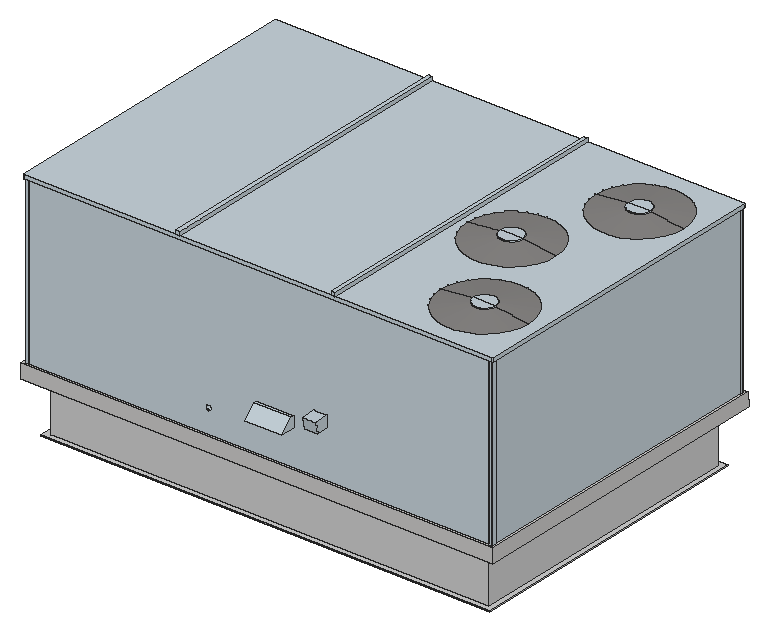
Revit family "AHU-Rooftop-Carrier-Cooling with Gas Heat-15-28 ton ss", category Mechanical Equipment, Revit 2012
Parameters (values of type "TC017")
  Voltage [instance] = 240 V
  Visibility Power Exhaust [instance] = and(Power Exhaust, Unit Size > 12, Vertical Air)  # no
  Visibility Horizontal Air [instance] = or(Horizontal Air, Horizontal Air End Unit)  # yes
  Visibility Horizontal Air End Unit [instance] = and(Horizontal Air End Unit, Unit Size > 12)  # no
  Visibility Gas Alternate [instance] = and(Gas Alternate, Unit Size > 12)  # no
  Visibility Economizer [instance] = or(Economizer Vertical, Economizer Horizontal)  # no
  Visibility Drain Alternate [instance] = and(Unit Size < 14, Drain Alternate)  # no
  Visibility 9 [instance] = and(Horizontal Air, Unit Size > 12)  # yes
  Visibility 8 [instance] = and(Horizontal Air, Unit Size < 14)  # no
  Visibility 7 [instance] = and(Visibility Economizer, Unit Size > 12)  # no
  Visibility 6 [instance] = or(and(Economizer Vertical, Unit Size < 14), and(Economizer Horizontal, Unit Size < 14, Unit Size > 7))  # no
  Visibility 5 = Unit Size > 12  # yes
  Visibility 4 = Unit Size > 28  # no
  Visibility 3 = Unit Size > 14  # yes
  Visibility 2 [instance] = or([Roof Curb 14"], [Roof Curb 24"])  # yes
  Visibility 12 = Unit Size > 18  # no
  Visibility 11 [instance] = not(Visibility Gas Alternate)  # yes
  Visibility 10 [instance] = and(not(Drain Alternate), Unit Size < 14)  # no
  Visibility 1 = Unit Size > 7  # yes
  Vertical Air [instance] = not(Visibility Horizontal Air)  # no
  Unit Width = Base Width - 1 7/16"  # 84 15/16"
  Unit Size = 17
  Unit Length = Base Length - 1 7/16"  # 126 7/16"
  Unit Height = 49 3/8"
  URL = "www.carrier.com"
  Supply Air Width V = 61 5/8"
  Supply Air Width Label 2 [instance] = abs(Supply Air Width Label)  # 29 3/4"
  Supply Air Width Label [instance] = if(Vertical Air, 0" - Supply Air Width V, 0" - Supply Air Width H)  # -29 3/4"
  Supply Air Width H = 29 3/4"
  Supply Air Height V = 25 1/2"
  Supply Air Height Label [instance] = if(Vertical Air, Supply Air Height V, Supply Air Height H)  # 15 7/8"
  Supply Air Height H = 15 7/8"
  SA Z Offset = 5 5/8"
  SA Y Offset Label [instance] = if(and(Vertical Air, Unit Size > 12), Base Width - SA Y Offset V, if(Vertical Air, SA Y Offset V, if(and(Visibility Horizontal Air, Unit Size > 12), Base Width - 23" / 32 - 1" / 8, SA Y Offset H)))  # 85 17/32"
  SA Y Offset V = 6 1/4"
  SA Y Offset H = 23/32"
  SA X Offset Label [instance] = if(and(Unit Size < 14, Vertical Air), SA X Offset V + Supply Air Height Label, if(and(Vertical Air, Unit Size > 12), Base Length - SA X Offset V - Supply Air Height Label, if(and(Vertical Air, Unit Size < 14), SA X Offset V + Supply Air Height Label, if(and(Visibility Horizontal Air, Unit Size > 12), Base Length - SA X Offset H + Supply Air Width Label, 27/32"))))  # 47 3/8"
  SA X Offset V = 53 3/4"
  SA X Offset H = 50 3/4"
  Roof Curb 24" [instance] = no
  Roof Curb 14" [instance] = yes
  Return Air Width V = 19 1/4"
  Return Air Width Label 3 [instance] = 0" - Return Air Width Label 2  # -23 3/8"
  Return Air Width Label 2 [instance] = if(and(Horizontal Air End Unit, Unit Size > 12), 61 5/8", Return Air Width Label)  # 23 3/8"
  Return Air Width Label [instance] = if(Vertical Air, Return Air Width V, Return Air Width H)  # 23 3/8"
  Return Air Width H = 23 3/8"
  Return Air Height V = 68 1/8"
  Return Air Height Label [instance] = if(and(Horizontal Air End Unit, Unit Size > 12), 18 3/8", if(Vertical Air, Return Air Height V, Return Air Height H))  # 41 3/8"
  Return Air Height H = 41 3/8"
  Return Air Flow [instance] = 0 CFM
  RA Z Offset = 5 5/8"
  RA Y Offset V = 6 1/4"
  RA Y Offset Label [instance] = if(and(Horizontal Air End Unit, Unit Size > 12), 18 3/4" + Return Air Width Label 2, if(and(Vertical Air, Unit Size > 12), Base Width - RA Y Offset V - Return Air Height Label, if(Vertical Air, RA Y Offset V, if(and(Horizontal Air, Unit Size > 12), Base Width - 23" / 32 - 1/8", RA Y Offset H))))  # 85 17/32"
  RA Y Offset H = 23/32"
  RA X Offset V = 6 1/4"
  RA X Offset Label [instance] = if(and(Horizontal Air End Unit, Unit Size > 12), Base Length - 23/32" - 1/8", if(and(Unit Size < 14, Vertical Air), RA X Offset V + Return Air Height Label, if(and(Vertical Air, Unit Size > 12), Base Length - RA X Offset V - Return Air Width Label, if(and(Vertical Air, Unit Size < 14), RA X Offset V + Return Air Width Label, if(and(Horizontal Air, Unit Size > 12), Base Length - RA X Offset H - Return Air Width Label, 27/32")))))  # 101 1/4"
  RA X Offset H = 3 1/4"
  Power Z Offset = 9 3/8"
  Power Y Offset = 4 3/4"
  Power Knockout Radius = 1 13/16"
  Power Factor [instance] = 0.8
  Power Exhaust Width = 17"  # constant formula
  Power Exhaust Offset = 17"  # constant formula
  Power Exhaust Length = 43"  # constant formula
  Power Exhaust Height = 23"  # constant formula
  Power Exhaust [instance] = no
  Pivot Y = 72"
  Pivot X = 144"
  Number of Poles [instance] = 1
  Supply Air Nominal Capacity [instance] = 0 CFM
  Manufacturer = "Carrier"
  Load Classification [instance] = HVAC
  Length 9 = if(Unit Size < 8, 27 7/8", if(Unit Size < 9, 18 3/4", if(Unit Size < 14, 22 3/4", Base Width - Economizer Length V - 6 1/2")))  # 11 7/8"
  Length 8 [instance] = if(Vertical Air, 0", RA Z Offset)  # 5 5/8"
  Length 7 [instance] = if(Vertical Air, 0", SA Z Offset)  # 5 5/8"
  Length 6 [instance] = 1"  # constant formula
  Length 5 = if(Unit Size > 28, (Length 3 - Length 4 - 1/2") / 2, 50")  # 50"
  Length 4 = if(Unit Size > 28, Length 3 - (Grille 3 X Offset - Grille Radius - 2"), (Base Length - (Base Length - Length 3)) / 2)  # 42 11/64"
  Length 3 = if(Unit Size > 28, (Grille 2 X Offset - Grille 1 X Offset) / 2 + Grille 1 X Offset, if(and(Unit Size > 14, Unit Size < 29), Grille 3 X Offset - Grille Radius - 2", if(Unit Size = 14, Grille 2 X Offset - Grille Radius - 2", if(and(Unit Size < 14, Unit Size > 7), (Grille 3 X Offset - Grille 2 X Offset) / 2 + Grille 2 X Offset, Base Length / 2))))  # 84 11/32"
  Length 2 = 1/4"  # constant formula
  Length 15 = if(Unit Size > 28, Length 4 * 1.5 - 5", Length 4 / 2 - 5")  # 16 11/128"
  Length 14 = if(Unit Size > 28, 2" + Length 4, 2")  # 2"
  Length 13 [instance] = Supply Air Width Label  # -29 3/4"
  Length 12 = Length 10 / 2  # 42 11/64"
  Length 11 = if(Unit Size < 14, Length 10 / 2, Length 10 / 3)  # 28.11458"
  Length 10 = if(Unit Size < 14, Base Length / 2, if(Unit Size > 14, Grille 3 X Offset - Grille Radius - 2", Grille 2 X Offset - Grille Radius - 2"))  # 84 11/32"
  Length 1 [instance] = if([Roof Curb 14"], Curb Height 1, if([Roof Curb 24"], Curb Height 2, 0"))  # 14"
  Horizontal Air End Unit [instance] = and(Horizontal Air, Economizer or 2 Position Damper)  # no
  Horizontal Air = yes
  Grille Radius = 12"  # constant formula
  Grille Cover Radius = 3"  # constant formula
  Grille 6 Y Offset = 0"
  Grille 6 X Offset = 0"
  Grille 5 Y Offset = 0"
  Grille 5 X Offset = 0"
  Grille 4 Y Offset = 69 3/8"
  Grille 4 X Offset = 112 1/32"
  Grille 3 Y Offset = 43 3/16"
  Grille 3 X Offset = 98 11/32"
  Grille 2 Y Offset = 43 3/16"
  Grille 2 X Offset = 125 23/32"
  Grille 1 X Offset = 112 1/32"
  Grille 1 Y Offset = 17"
  Grille Material = Metal - Carrier - Grille
  Gas Z Offset Label [instance] = if(Visibility Gas Alternate, 0", Gas Z Offset)  # 10 1/4"
  Gas Z Offset = 10 1/4"
  Gas Y Offset Label [instance] = if(Visibility Gas Alternate, Gas Y Offset, 0")  # 0"
  Gas Y Offset = 6 1/2"
  Gas X Offset = 50 1/2"
  Gas Radius [instance] = 3/8"
  Gas Pressure Drop [instance] = 0.00 psi
  Gas Knockout Radius [instance] = Gas Radius + 85/256"  # 181/256"
  Gas Flow [instance] = 0 GPM
  Gas Alternate [instance] = no
  Frame Width = 1"  # constant formula
  Fan Height = 1 1/8"
  Economizer or 2 Position Damper [instance] = no
  Economizer Z Offset V = 48 1/4"
  Economizer Z Offset Label [instance] = if(Visibility 7, Economizer Z Offset V, if(Economizer Horizontal, Economizer Z Offset H, Economizer Z Offset V))  # 48 1/4"
  Economizer Z Offset H = 43 1/4"
  Economizer Y Offset = 14 1/8"
  Economizer X Offset = 3"
  Economizer Width V = 24 7/8"
  Economizer Width Label [instance] = if(Economizer Horizontal, Economizer Width H, Economizer Width V)  # 24 7/8"
  Economizer Width H = 24 7/8"
  Economizer Vertical [instance] = and(Economizer or 2 Position Damper, Vertical Air)  # no
  Economizer Length V = 68"
  Economizer Length Label [instance] = if(Economizer Horizontal, Economizer Length H, Economizer Length V)  # 68"
  Economizer Length H = 68"
  Economizer Height V = 29 1/4"
  Economizer Height Label [instance] = if(Visibility 7, Economizer Height V, if(Economizer Horizontal, Economizer Height H, Economizer Height V))  # 29 1/4"
  Economizer Height H = 24 1/4"
  Economizer Horizontal [instance] = and(Economizer or 2 Position Damper, Visibility Horizontal Air)  # no
  Drain Z Offset Label [instance] = if(Visibility Drain Alternate, Base Height, Drain Z Offset)  # 5 1/4"
  Drain Z Offset = 5 1/4"
  Drain Y Offset V = 0"
  Drain Y Offset Label [instance] = if(Visibility Drain Alternate, Drain Y Offset V, if(Unit Size < 14, Drain Y Offset H, Base Width))  # 86 3/8"
  Drain Y Offset H = 0"
  Drain X Offset Label [instance] = if(Visibility Drain Alternate, Drain X Offset, if(Unit Size > 12, Base Length - Drain X Offset, 0"))  # 90 3/8"
  Drain X Offset = 37 1/2"
  Drain Radius [instance] = 3/8"
  Drain Knockout Radius [instance] = 7/8"
  Drain Alternate = no
  Description = "48TC WeatherExpert Series Ultra High Efficient Single Package Rooftop and Single Zone VAV Cooling Only with Optional Electric Heat with Puron (R-410A) Refrigerant \r\nUltra High Efficient\r\nSingle Package Rooftop and Single Zone VAV Cooling Only with Optional Electric Heat with Puron (R-410A) Refrigerant"
  Curb Width = 80 5/8"
  Curb SA Y Offset = 13 1/8"
  Curb SA X Offset = 43 3/4"
  Curb SA Width = 27 7/8"
  Curb SA Height = 63 7/8"
  Curb RA Y Offset = 0"
  Curb RA X Offset = 95 13/16"
  Curb RA Width = 22 1/4"
  Curb RA Height = 69 9/16"
  Curb Offset Y Label = Pivot Y + Curb Offset Y  # 72"
  Curb Offset Y = 0"
  Curb Offset X Label = Pivot X + Curb Offset X  # 144"
  Curb Offset X = if(Unit Size < 8, ((Base Length / 2 - SA X Offset V) - (Curb Length / 2 - 1 3/4" - Curb SA X Offset)), 0")  # 0"
  Curb Material = Metal - Carrier - Steel
  Curb Length = 121 5/8"
  Curb Height Label [instance] = if([Roof Curb 24"], Curb Height 2, Curb Height 1)  # 14"
  Curb Height 2 = 24"  # constant formula
  Curb Height 1 = 14"  # constant formula
  Nominal Capacity = 180000.0 Btu/h
  Control Z Offset = 45 3/8"
  Control Y Offset = 4 3/4"
  Control Knockout Radius = 7/16"
  Clearance Zones [instance] = no
  Clearance Right [instance] = 18"
  Clearance Material = Clearance Zones - Carrier
  Clearance Left [instance] = 12"
  Clearance Front [instance] = 36"
  Clearance Back [instance] = 36"
  Body Material = Metallic Paint - Carrier - Gray
  Base Width = 86 3/8"
  Base Material = Metal - Carrier - Stainless Steel
  Base Length = 127 7/8"
  Base Height = 3 3/4"
  Assembly Code = "D3050200"
  Apparent Load [instance] = 0 VA
  Angle 9 [instance] = if(Visibility Gas Alternate, 0.00°, 90.00°)  # 90.00°
  Angle 8 [instance] = if(Visibility Drain Alternate, 180.00°, 90.00°)  # 90.00°
  Angle 7 = if(Unit Size < 14, 90.00°, 180.00°)  # 180.00°
  Angle 6 [instance] = if(Visibility Horizontal Air, 90.00°, 0.00°)  # 90.00°
  Angle 5 [instance] = if(and(Horizontal Air End Unit, Unit Size > 12), 270.00°, if(and(Unit Size > 12, Horizontal Air), 180.00°, if(Unit Size < 14, 90.00°, 180.00°)))  # 180.00°
  Angle 4 [instance] = if(Visibility Horizontal Air, 90.00°, 0.00°)  # 90.00°
  Angle 3 [instance] = if(and(Unit Size > 12, Visibility Horizontal Air), 180.00°, if(Unit Size < 14, 90.00°, 270.00°))  # 180.00°
  Angle 2 [instance] = if(Unit Size > 12, 50.00°, if(Economizer Vertical, 110.00°, 90.00°))  # 50.00°
  Angle 1 [instance] = if(and(Unit Size = 7, Economizer Horizontal), 10.00°, if(Unit Size = 7, 5.00°, if(Economizer Horizontal, 10.00°, 0.00°)))  # 0.00°
  Air Pressure Drop [instance] = 0.00 in-wg
Reference planes (in)
  plane 1 "Center (Front/Back)": y = 0
  plane 2: z = 0
  plane 3 "Center (Left/Right)": x = 0
  plane 4 "Curb Back": y = 40.3125
  plane 5 "Curb Front": y = -40.3125
  plane 6 "Curb Left": x = -60.8125
  plane 7 "Curb Right": x = 60.8125
  plane 8 "Curb Center (Left/Right)": x = 0
  plane 9 "Curb Center (Front/Back)": y = 0
  plane 10 "Pivot X": x = -144
  plane 11 "Pivot Y": y = -72
  plane 12 "Bottom": z = 0
  plane 13 "Curb Bottom": z = 0
  plane 14 "base bottom": z = 14
  plane 15 "curb left inside": x = -59.0625
  plane 16 "curb right inside": x = 59.0625
  plane 17 "curb back inside": y = 38.5625
  plane 18 "curb front inside": y = -38.5625
  plane 19 "curb bottom lip top": z = 0.125
  plane 20 "curb top lip bottom": z = 13
  plane 21 "curb SA back": y = 38.4375
  plane 22 "curb SA left": x = -12.5625
  plane 23 "curb RA front": y = -31
  plane 24 "curb RA left": x = -59
  plane 25 "base top": z = 17.75
  plane 26 "base back": y = 43.1875
  plane 27 "base front": y = -43.1875
  plane 28 "base left": x = -63.9375
  plane 29 "base right": x = 63.9375
  plane 30 "unit left": x = -63.21875
  plane 31 "unit right": x = 63.21875
  plane 32 "unti back": y = 42.46875
  plane 33 "unit front": y = -42.46875
  plane 34 "unit left panel": x = -63.09375
  plane 35 "unit right panel": x = 63.09375
  plane 36 "unit front panel": y = -42.34375
  plane 37 "unit panel back": y = 42.34375
  plane 38 "Top": z = 64.5
  plane 39 "lid top": z = 63.375
  plane 40 "lid bottom": z = 62.375
  plane 41 "grille 1 Y cl": x = 48.09375
  plane 42 "grille 2 Y cl": x = 61.78125
  plane 43 "grille 1 X cl": y = -26.1875
  plane 44 "grille 2 X cl": y = 0
  plane 45 "grille cover bottom": z = 64.375
  plane 46 "grille 3 X cl": y = 0
  plane 47 "grille 4 X cl": y = 26.1875
  plane 48 "grille 5 X cl": y = -43.1875
  plane 49 "grille 6 X cl": y = -43.1875
  plane 50 "grille 3 Y cl": x = 34.40625
  plane 51 "grille 4 Y cl": x = 48.09375
  plane 52 "grille 5 Y cl": x = -63.9375
  plane 53 "grille 6 Y cl": x = -63.9375
  plane 54 "curb SA right": x = 15.3125
  plane 55 "curb RA right": x = -36.75
  plane 56 "curb SA front": y = -25.4375
  plane 57 "curb RA back": y = 38.5625
  plane 58 "lid sopport 1cl": x = 20.40625
  plane 59: x = 19.90625
  plane 60: x = 20.90625
  plane 61: y = 42.71875
  plane 62: y = -42.71875
  plane 63 "lid support 2 cl": x = -21.76562
  plane 64: x = -21.26562
  plane 65: x = -22.26562
  plane 66: y = 42.71875
  plane 67: y = -42.71875
  plane 68 "economizer right": x = 60.21875
  plane 69 "economizer left": x = -7.78125
  plane 70 "economizer back": y = 67.21875
  plane 71 "economizer top": z = 62.25
  plane 72 "economizer bottom": z = 17.75
  plane 73 "eco front": y = -29.0625
  plane 74 "eco back": y = 38.9375
  plane 75: x = -87.96875
  plane 76 "economizer mid": z = 43.25
  plane 77 "lid support 3 cl": x = -71.76562
  plane 78: x = -71.26562
  plane 79: x = -72.26562
  plane 80: y = 42.71875
  plane 81: y = -42.71875
  plane 82 "SA y": y = 42.34375
  plane 83 "SA x": x = 16.5625
  plane 84 "SA bottom": z = 19.625
  plane 85 "RA x": x = -37.3125
  plane 86 "RA y": y = 42.34375
  plane 87 "RA bottom": z = 19.625
  plane 88 "PE top": z = 41.75
  plane 89 "PE Bottom": z = 18.75
  plane 90 "PE back": y = 26.1875
  plane 91 "PE front": y = -16.8125
  plane 92 "PE left": x = -80.9375
  plane 93 "drain x": x = -26.4375
  plane 94 "drain y": y = 43.1875
  plane 95 "drain cl": z = 19.25
  plane 96 "power cl horz": z = 23.375
  plane 97 "control cl horz": z = 59.375
  plane 98 "control cl vert": y = -38.4375
  plane 99 "power cl vert": y = -38.4375
  plane 100 "seam L 1": y = -31.3125
  plane 101 "seam front 1": x = 20.40625
  plane 102: x = 19.90625
  plane 103: x = 20.90625
  plane 104 "seam front 2": x = -7.70833
  plane 105: x = -8.20833
  plane 106: x = -7.20833
  plane 107 "seam front 3": x = -35.82292
  plane 108: x = -36.32292
  plane 109: x = -35.32292
  plane 110 "seam back 1": x = -21.76562
  plane 111: x = -22.26562
  plane 112: x = -21.26562
  plane 113 "seam right 1": y = -14.11458
  plane 114: y = -15.11458
  plane 115 "seam right 2": y = 14.11458
  plane 116: y = -13.11458
  plane 117: y = 13.11458
  plane 118: y = 15.11458
  plane 119: y = -30.8125
  plane 120: y = -31.8125
  plane 121: z = 42.25
  plane 122 "clearance back": y = 79.1875
  plane 123 "clearance front": y = -79.1875
  plane 124 "clearance left": x = -75.9375
  plane 125 "clearance right": x = 81.9375
  plane 126 "gas cl x": x = -13.4375
  plane 127 "gas cl y": y = -43.1875
  plane 128 "gas cl z": z = 24.25
  plane 129 "fake base back": y = 43.1875
  plane 130 "fake base right": x = 63.9375
  plane 131 "fake base front": y = -43.1875
  plane 132 "fake base left": x = -63.9375
  plane 133 "flue hood left": x = 14.90625
  plane 134 "flue hood right": x = 18.40625
  plane 135 "flue hood bottom": z = 30.625
  plane 136 "flue hood top": z = 33.625
  plane 137 "intake hood left": x = -0.67969
  plane 138: x = 9.32031
  plane 139 "intake hood center": x = 4.32031
  plane 140: z = 30.375
  plane 141: z = 27.375
Forms (in)
  Extrusion 1, solid, material "Metal - Carrier - Steel" <- "Curb Material", visible <- "Visibility 2", detail levels medium+fine
    sketch origin (0, 0, 0) x (1, 0, 0) y (0, 1, 0)
      loop
        line (-60.8125, 40.3125) -> (-60.8125, -40.3125) -> (60.8125, -40.3125) -> (60.8125, 40.3125) -> (-60.8125, 40.3125)
      loop
        line (-59, 38.5625) -> (-59, -31) -> (-36.75, -31) -> (-36.75, 38.5625) -> (-59, 38.5625)
      loop
        line (-12.5625, 38.4375) -> (-12.5625, -25.4375) -> (15.3125, -25.4375) -> (15.3125, 38.4375) -> (-12.5625, 38.4375)
    from 0 to 14
  Extrusion 2, void
    sketch origin (0, 0, 0) x (1, 0, 0) y (0, 1, 0)
      loop
        line (-60.8125, 40.3125) -> (-60.8125, -40.3125) -> (60.8125, -40.3125) -> (60.8125, 40.3125) -> (-60.8125, 40.3125)
      loop
        line (-59.1875, 38.6875) -> (-59.1875, -38.6875) -> (59.1875, -38.6875) -> (59.1875, 38.6875) -> (-59.1875, 38.6875)
    from 0.125 to 13
  Extrusion 3, solid, material "Metal - Carrier - Stainless Steel" <- "Base Material", detail levels medium+fine
    sketch origin (0, 0, 0) x (1, 0, 0) y (0, 0, 1)
      loop
        line (-63.9375, 17.75) -> (-63.9375, 14) -> (63.9375, 14) -> (63.9375, 17.75) -> (-63.9375, 17.75)
    from -43.1875 to 43.1875
  Extrusion 4, solid, material "Metallic Paint - Carrier - Gray" <- "Body Material", detail levels medium+fine
    sketch origin (0, 0, 0) x (1, 0, 0) y (0, 1, 0)
      loop
        arc (-62.96875, 42.46875) -> (-63.14553, 42.39553) -> (-63.21875, 42.21875) r 0.25
        line (-63.21875, 42.21875) -> (-63.21875, 41.46875) -> (-62.21875, 41.46875) -> (-62.21875, 42.46875) -> (-62.96875, 42.46875)
      loop
        line (62.21875, 42.46875) -> (62.21875, 41.46875) -> (63.21875, 41.46875) -> (63.21875, 42.21875)
        arc (63.21875, 42.21875) -> (63.14553, 42.39553) -> (62.96875, 42.46875) r 0.25
        line (62.96875, 42.46875) -> (62.21875, 42.46875)
      loop
        line (62.21875, -41.46875) -> (62.21875, -42.46875) -> (62.96875, -42.46875)
        arc (62.96875, -42.46875) -> (63.14553, -42.39553) -> (63.21875, -42.21875) r 0.25
        line (63.21875, -42.21875) -> (63.21875, -41.46875) -> (62.21875, -41.46875)
      loop
        line (-63.21875, -41.46875) -> (-63.21875, -42.21875)
        arc (-63.21875, -42.21875) -> (-63.14553, -42.39553) -> (-62.96875, -42.46875) r 0.25
        line (-62.96875, -42.46875) -> (-62.21875, -42.46875) -> (-62.21875, -41.46875) -> (-63.21875, -41.46875)
    from 17.75 to 62.375
  Extrusion 5, solid, material "Metallic Paint - Carrier - Gray" <- "Body Material", detail levels medium+fine
    sketch origin (0, 0, 0) x (1, 0, 0) y (0, 1, 0)
      loop
        arc (-63.21875, 42.71875) -> (-63.39553, 42.64553) -> (-63.46875, 42.46875) r 0.25
        line (-63.46875, 42.46875) -> (-63.46875, -42.46875)
        arc (-63.46875, -42.46875) -> (-63.39553, -42.64553) -> (-63.21875, -42.71875) r 0.25
        line (-63.21875, -42.71875) -> (63.21875, -42.71875)
        arc (63.21875, -42.71875) -> (63.39553, -42.64553) -> (63.46875, -42.46875) r 0.25
        line (63.46875, -42.46875) -> (63.46875, 42.46875)
        arc (63.46875, 42.46875) -> (63.39553, 42.64553) -> (63.21875, 42.71875) r 0.25
        line (63.21875, 42.71875) -> (-63.21875, 42.71875)
    from 62.375 to 63.375
  Extrusion 6, solid, material "Metallic Paint - Carrier - Gray" <- "Body Material", detail levels medium+fine
    sketch origin (0, 0, 0) x (1, 0, 0) y (0, 1, 0)
      loop
        line (-62.21875, 42.34375) -> (-62.21875, 41.46875) -> (-63.09375, 41.46875) -> (-63.09375, -41.46875) -> (-62.21875, -41.46875) -> (-62.21875, -42.34375) -> (62.21875, -42.34375) -> (62.21875, -41.46875) -> (63.09375, -41.46875) -> (63.09375, 41.46875) -> (62.21875, 41.46875) -> (62.21875, 42.34375) -> (-62.21875, 42.34375)
    from 17.75 to 62.375
  Revolve 7, solid, material "Metal - Carrier - Grille" <- "Grille Material", detail levels medium+fine
    sketch origin (0, -26.1875, 0) x (-1, 0, 0) y (0, 0, 1)
      loop
        line (-48.09375, 64.5) -> (-51.09375, 64.5) -> (-51.09375, 64.375) -> (-60.09375, 63.375) -> (-48.09375, 63.375) -> (-48.09375, 64.5)
      axis (-48.09375, 64.5) -> (-48.09375, 63.375)
    angle from 0 to 360
  Revolve 8, solid, material "Metal - Carrier - Grille" <- "Grille Material", visible <- "Visibility 12", detail levels medium+fine
    sketch origin (0, 0, 0) x (-1, 0, 0) y (0, 0, 1)
      loop
        line (-61.78125, 64.5) -> (-64.78125, 64.5) -> (-64.78125, 64.375) -> (-73.78125, 63.375) -> (-61.78125, 63.375) -> (-61.78125, 64.5)
      axis (-61.78125, 64.5) -> (-61.78125, 63.375)
    angle from 0 to 360
  Revolve 9, solid, material "Metal - Carrier - Grille" <- "Grille Material", visible <- "Visibility 1", detail levels medium+fine
    sketch origin (0, 0, 0) x (-1, 0, 0) y (0, 0, 1)
      loop
        line (-34.40625, 64.5) -> (-37.40625, 64.5) -> (-37.40625, 64.375) -> (-46.40625, 63.375) -> (-34.40625, 63.375) -> (-34.40625, 64.5)
      axis (-34.40625, 64.5) -> (-34.40625, 63.375)
    angle from 0 to 360
  Revolve 10, solid, material "Metal - Carrier - Grille" <- "Grille Material", visible <- "Visibility 3", detail levels medium+fine
    sketch origin (0, 26.1875, 0) x (-1, 0, 0) y (0, 0, 1)
      loop
        line (-48.09375, 64.5) -> (-51.09375, 64.5) -> (-51.09375, 64.375) -> (-60.09375, 63.375) -> (-48.09375, 63.375) -> (-48.09375, 64.5)
      axis (-48.09375, 64.5) -> (-48.09375, 63.375)
    angle from 0 to 360
  Revolve 11, solid, material "Metal - Carrier - Grille" <- "Grille Material", visible <- "Visibility 4", detail levels medium+fine
    sketch origin (0, -43.1875, 0) x (-1, 0, 0) y (0, 0, 1)
      loop
        line (63.9375, 64.5) -> (60.9375, 64.5) -> (60.9375, 64.375) -> (51.9375, 63.375) -> (63.9375, 63.375) -> (63.9375, 64.5)
      axis (63.9375, 64.5) -> (63.9375, 63.375)
    angle from 0 to 360
  Revolve 12, solid, material "Metal - Carrier - Grille" <- "Grille Material", visible <- "Visibility 4", detail levels medium+fine
    sketch origin (0, -43.1875, 0) x (-1, 0, 0) y (0, 0, 1)
      loop
        line (63.9375, 64.5) -> (60.9375, 64.5) -> (60.9375, 64.375) -> (51.9375, 63.375) -> (63.9375, 63.375) -> (63.9375, 64.5)
      axis (63.9375, 64.5) -> (63.9375, 63.375)
    angle from 0 to 360
  Extrusion 13, solid, material "Metallic Paint - Carrier - Gray" <- "Body Material", detail levels fine
    sketch origin (0, 0, 63.375) x (-1, 0, 0) y (0, -1, 0)
      loop
        line (-19.90625, -42.71875) -> (-19.90625, 42.71875) -> (-20.90625, 42.71875) -> (-20.90625, -42.71875) -> (-19.90625, -42.71875)
    from 0 to 1
  Extrusion 14, solid, material "Metallic Paint - Carrier - Gray" <- "Body Material", visible <- "Visibility 5", detail levels fine
    sketch origin (0, 0, 63.375) x (-1, 0, 0) y (0, -1, 0)
      loop
        line (22.26562, -42.71875) -> (22.26562, 42.71875) -> (21.26562, 42.71875) -> (21.26562, -42.71875) -> (22.26562, -42.71875)
    from 0 to 1
  Extrusion 15, solid, material "Metallic Paint - Carrier - Gray" <- "Body Material", visible <- "Visibility 6", detail levels medium+fine
    sketch origin (0, 0, 0) x (0, 1, 0) y (0, 0, 1)
      loop
        line (42.34375, 62.25) -> (42.34375, 17.75) -> (65.76633, 17.75) -> (64.53115, 44.67367) -> (66.91525, 42.85265) -> (67.21875, 43.25) -> (42.34375, 62.25)
    from -7.78125 to 60.21875
  Extrusion 16, solid, material "Metallic Paint - Carrier - Gray" <- "Body Material", visible <- "Visibility 7", detail levels medium+fine
    sketch origin (0, -26.1875, 0) x (-1, 0, 0) y (0, 0, 1)
      loop
        line (63.09375, 62.25) -> (63.09375, 43.25) -> (87.96875, 43.25) -> (87.96875, 45.75) -> (63.09375, 62.25)
    from -2.875 to 65.125
  Extrusion 17, solid, material "Metallic Paint - Carrier - Gray" <- "Body Material", visible <- "Visibility 4", detail levels fine
    sketch origin (0, 0, 63.375) x (-1, 0, 0) y (0, -1, 0)
      loop
        line (72.26562, -42.71875) -> (72.26562, 42.71875) -> (71.26562, 42.71875) -> (71.26562, -42.71875) -> (72.26562, -42.71875)
    from 0 to 1
  Extrusion 18, solid, material "Metallic Paint - Carrier - Gray" <- "Body Material", visible <- "Visibility Power Exhaust", detail levels medium+fine
    sketch origin (0, -16.8125, 0) x (-1, 0, 0) y (0, 0, 1)
      loop
        line (63.09375, 41.75) -> (63.09375, 18.75) -> (80.9375, 33.42932) -> (63.09375, 41.75)
    from 0 to 43
  Extrusion 19, void
    sketch origin (-26.4375, 43.1875, 19.25) x (0, 0, 1) y (1, 0, 0)
      loop
        circle (0, 0) r 0.875
    from 0 to -6
  Extrusion 20, void
    sketch origin (-63.09375, 0, 0) x (0, 1, 0) y (0, 0, 1)
      loop
        circle (-38.4375, 23.375) r 1.8125
      loop
        circle (-38.4375, 59.375) r 0.4375
    from 0 to 1
  Extrusion 21, solid, detail levels coarse
    sketch origin (0, 0, 0) x (-1, 0, 0) y (0, 0, 1)
      loop
        line (63.9375, 63.375) -> (-63.9375, 63.375) -> (-63.9375, 14) -> (63.9375, 14) -> (63.9375, 63.375)
    from -43.1875 to 43.1875
  Extrusion 22, solid, visible <- "Visibility 2", detail levels coarse
    sketch origin (0, 0, 0) x (-1, 0, 0) y (0, 0, 1)
      loop
        line (60.8125, 14) -> (-60.8125, 14) -> (-60.8125, 0) -> (60.8125, 0) -> (60.8125, 14)
    from -40.3125 to 40.3125
  Extrusion 23, solid, material "Metallic Paint - Carrier - Gray" <- "Body Material", detail levels medium+fine
    sketch origin (16.5625, 42.34375, 19.625) x (0, 0, 1) y (0, -1, 0)
      loop
        line (15.875, 0) -> (0, 0) -> (0, -1) -> (15.875, -1) -> (15.875, 0)
    from 0 to -29.75 <- "Supply Air Width Label"
  Extrusion 24, solid, material "Metallic Paint - Carrier - Gray" <- "Body Material", detail levels medium+fine
    sketch origin (-37.3125, 42.34375, 19.625) x (0, 0, 1) y (0, -1, 0)
      loop
        line (41.375, 0) -> (0, 0) -> (0, -1) -> (41.375, -1) -> (41.375, 0)
    from 0 to -23.375 <- "Return Air Width Label 3"
  Extrusion 25, solid, material "Clearance Zones - Carrier" <- "Clearance Material", visible <- "Clearance Zones"
    sketch origin (0, 0, 19.625) x (-1, 0, 0) y (0, -1, 0)
      loop
        line (75.9375, -79.1875) -> (75.9375, 79.1875) -> (-81.9375, 79.1875) -> (-81.9375, -79.1875) -> (75.9375, -79.1875)
    from -19.625 to 44.875
  Extrusion 26, void
    sketch origin (-13.4375, -43.1875, 24.25) x (0, 0, 1) y (1, 0, 0)
      loop
        circle (0, 0) r 0.70703
    from 0 to 3.75
  Extrusion 27, solid, material "Metallic Paint - Carrier - Gray" <- "Body Material", detail levels fine
    sketch origin (-13.4375, 0, 0) x (0, 1, 0) y (0, 0, 1)
      loop
        line (-42.34375, 33.625) -> (-46.34375, 33.625) -> (-45.59375, 30.625) -> (-42.34375, 30.625) -> (-42.34375, 33.625)
    from 28.34375 to 31.84375
  Extrusion 28, solid, material "Metallic Paint - Carrier - Gray" <- "Body Material", detail levels fine
    sketch origin (0, 0, 0) x (0, 1, 0) y (0, 0, 1)
      loop
        line (-46.34375, 27.375) -> (-42.34375, 27.375) -> (-42.34375, 30.375) -> (-43.34375, 30.375) -> (-46.34375, 27.375)
    from -0.67969 to 9.32031
Cuts and joins
  Extrusion 2 cuts Extrusion 1
  Extrusion 19, Extrusion 20, Extrusion 26 cuts Extrusion 6
Lines and regions (in)
  Masking region 1
    outline origin (0, 0, 17.75) x (-1, 0, 0) y (0, -1, 0)
      loop
        line (63.9375, -43.1875) -> (63.9375, 43.1875) -> (-63.9375, 43.1875) -> (-63.9375, -43.1875) -> (63.9375, -43.1875)
  Masking region 2, visible <- "Visibility 8", detail levels medium+fine
    outline origin (0, 0, 41.75) x (-1, 0, 0) y (0, -1, 0)
      loop
        line (-63.46875, 12.71875) -> (-63.46875, 42.46875) -> (-64.09375, 42.46875) -> (-64.09375, 12.71875) -> (-63.46875, 12.71875)
  Masking region 3, visible <- "Visibility 9", detail levels medium+fine
    outline origin (0, 0, 41.75) x (-1, 0, 0) y (0, -1, 0)
      loop
        line (13.1875, -43.34375) -> (13.1875, -42.71875) -> (-16.5625, -42.71875) -> (-16.5625, -43.34375) -> (13.1875, -43.34375)
  Masking region 4, visible <- "Visibility 6", detail levels medium+fine
    outline origin (0, 0, 41.75) x (-1, 0, 0) y (0, -1, 0)
      loop
        line (7.78125, -67.21875) -> (7.78125, -42.71875) -> (-60.21875, -42.71875) -> (-60.21875, -67.21875) -> (7.78125, -67.21875)
  Masking region 5, visible <- "Visibility 7", detail levels medium+fine
    outline origin (0, 0, 64.5) x (-1, 0, 0) y (0, -1, 0)
      loop
        line (87.96875, -38.9375) -> (87.96875, 29.0625) -> (63.46875, 29.0625) -> (63.46875, -38.9375) -> (87.96875, -38.9375)
  Masking region 6, detail levels medium+fine
    outline origin (0, 0, 0) x (1, 0, 0) y (0, 0, 1)
      loop
        line (-63.46875, 63.375) -> (-63.46875, 62.375) -> (-63.21875, 62.375) -> (-63.21875, 17.75) -> (-63.9375, 17.75) -> (-63.9375, 14) -> (63.9375, 14) -> (63.9375, 17.75) -> (63.21875, 17.75) -> (63.21875, 62.375) -> (63.46875, 62.375) -> (63.46875, 63.375) -> (-63.46875, 63.375)
  Masking region 7, visible <- "Visibility 2", detail levels medium+fine
    outline origin (0, 0, 0) x (1, 0, 0) y (0, 0, 1)
      loop
        line (-60.8125, 14) -> (-60.8125, 13) -> (-59.1875, 13) -> (-59.1875, 0.125) -> (-60.8125, 0.125) -> (-60.8125, 0) -> (60.8125, 0) -> (60.8125, 0.125) -> (59.1875, 0.125) -> (59.1875, 13) -> (60.8125, 13) -> (60.8125, 14) -> (-60.8125, 14)
  Masking region 8, detail levels fine
    outline origin (0, 0, 0) x (1, 0, 0) y (0, 0, 1)
      loop
        line (19.90625, 64.375) -> (19.90625, 63.375) -> (20.90625, 63.375) -> (20.90625, 64.375) -> (19.90625, 64.375)
  Masking region 9, visible <- "Visibility 5", detail levels fine
    outline origin (0, 0, 0) x (1, 0, 0) y (0, 0, 1)
      loop
        line (-22.26562, 64.375) -> (-22.26562, 63.375) -> (-21.26562, 63.375) -> (-21.26562, 64.375) -> (-22.26562, 64.375)
  Masking region 10, visible <- "Visibility 4", detail levels fine
    outline origin (0, 0, 0) x (1, 0, 0) y (0, 0, 1)
      loop
        line (-72.26562, 64.375) -> (-72.26562, 63.375) -> (-71.26562, 63.375) -> (-71.26562, 64.375) -> (-72.26562, 64.375)
  Masking region 11, visible <- "Visibility 8", detail levels medium+fine
    outline origin (0, 42.34375, 0) x (-1, 0, 0) y (0, 0, 1)
      loop
        line (-63.21875, 35.5) -> (-63.84375, 35.5) -> (-63.84375, 19.625) -> (-63.21875, 19.625) -> (-63.21875, 35.5)
  Masking region 12, visible <- "Visibility Power Exhaust", detail levels medium+fine
    outline origin (0, 0, 0) x (1, 0, 0) y (0, 0, 1)
      loop
        line (-63.21875, 41.69171) -> (-80.9375, 33.42932) -> (-63.21875, 18.85283) -> (-63.21875, 41.69171)
  Masking region 13, visible <- "Visibility 7", detail levels medium+fine
    outline origin (0, 0, 0) x (1, 0, 0) y (0, 0, 1)
      loop
        line (-63.21875, 62.16709) -> (-87.96875, 45.75) -> (-87.96875, 43.25) -> (-63.21875, 43.25) -> (-63.21875, 62.16709)
  Masking region 14, detail levels medium+fine
    outline origin (0, -26.1875, 0) x (-1, 0, 0) y (0, 0, 1)
      loop
        line (-45.09375, 64.5) -> (-51.09375, 64.5) -> (-51.09375, 64.375) -> (-60.09375, 63.375) -> (-36.09375, 63.375) -> (-45.09375, 64.375) -> (-45.09375, 64.5)
  Masking region 15, visible <- "Visibility 12", detail levels medium+fine
    outline origin (0, 0, 0) x (-1, 0, 0) y (0, 0, 1)
      loop
        line (-58.78125, 64.5) -> (-64.78125, 64.5) -> (-64.78125, 64.375) -> (-73.78125, 63.375) -> (-49.78125, 63.375) -> (-58.78125, 64.375) -> (-58.78125, 64.5)
  Masking region 16, visible <- "Visibility 1", detail levels medium+fine
    outline origin (0, 0, 0) x (-1, 0, 0) y (0, 0, 1)
      loop
        line (-31.40625, 64.5) -> (-37.40625, 64.5) -> (-37.40625, 64.375) -> (-46.40625, 63.375) -> (-22.40625, 63.375) -> (-31.40625, 64.375) -> (-31.40625, 64.5)
  Masking region 17, visible <- "Visibility 2", detail levels coarse
    outline origin (0, 0, 0) x (-1, 0, 0) y (0, 0, 1)
      loop
        line (60.8125, 14) -> (-60.8125, 14) -> (-60.8125, 0) -> (60.8125, 0) -> (60.8125, 14)
  Masking region 18, detail levels coarse
    outline origin (0, 0, 0) x (-1, 0, 0) y (0, 0, 1)
      loop
        line (63.9375, 63.375) -> (-63.9375, 63.375) -> (-63.9375, 14) -> (63.9375, 14) -> (63.9375, 63.375)
  Masking region 19, detail levels medium+fine
    outline origin (0, 0, 0) x (0, 1, 0) y (0, 0, 1)
      loop
        line (42.71875, 63.375) -> (-42.71875, 63.375) -> (-42.71875, 62.375) -> (-42.46875, 62.375) -> (-42.46875, 17.75) -> (-43.1875, 17.75) -> (-43.1875, 14) -> (43.1875, 14) -> (43.1875, 17.75) -> (42.46875, 17.75) -> (42.46875, 62.375) -> (42.71875, 62.375) -> (42.71875, 63.375)
  Masking region 20, visible <- "Visibility 6"
    outline origin (-7.78125, 0, 0) x (0, 1, 0) y (0, 0, 1)
      loop
        line (42.34375, 62.25) -> (42.34375, 17.75) -> (65.76633, 17.75) -> (64.53115, 44.67367) -> (66.91525, 42.85265) -> (67.21875, 43.25) -> (42.34375, 62.25)
  Masking region 21, detail levels medium+fine
    outline origin (48.09375, 0, 0) x (0, 1, 0) y (0, 0, 1)
      loop
        line (-23.1875, 64.375) -> (-23.1875, 64.5) -> (-29.1875, 64.5) -> (-29.1875, 64.375) -> (-38.1875, 63.375) -> (-14.1875, 63.375) -> (-23.1875, 64.375)
  Masking region 22, detail levels medium+fine
    outline origin (61.78125, 0, 0) x (0, 1, 0) y (0, 0, 1)
      loop
        line (3, 64.375) -> (3, 64.5) -> (-3, 64.5) -> (-3, 64.375) -> (-12, 63.375) -> (12, 63.375) -> (3, 64.375)
  Masking region 23, visible <- "Visibility 1", detail levels medium+fine
    outline origin (34.40625, 0, 0) x (0, 1, 0) y (0, 0, 1)
      loop
        line (3, 64.375) -> (3, 64.5) -> (-3, 64.5) -> (-3, 64.375) -> (-12, 63.375) -> (12, 63.375) -> (3, 64.375)
  Masking region 24, visible <- "Visibility 3", detail levels medium+fine
    outline origin (48.09375, 0, 0) x (0, 1, 0) y (0, 0, 1)
      loop
        line (29.1875, 64.375) -> (29.1875, 64.5) -> (23.1875, 64.5) -> (23.1875, 64.375) -> (14.1875, 63.375) -> (38.1875, 63.375) -> (29.1875, 64.375)
  Masking region 25, visible <- "Visibility 4", detail levels medium+fine
    outline origin (-63.9375, 0, 0) x (0, 1, 0) y (0, 0, 1)
      loop
        line (-40.1875, 64.375) -> (-40.1875, 64.5) -> (-46.1875, 64.5) -> (-46.1875, 64.375) -> (-55.1875, 63.375) -> (-31.1875, 63.375) -> (-40.1875, 64.375)
  Masking region 26, detail levels fine
    outline origin (20.40625, 0, 0) x (0, 1, 0) y (0, 0, 1)
      loop
        line (42.71875, 64.375) -> (-42.71875, 64.375) -> (-42.71875, 63.375) -> (42.71875, 63.375) -> (42.71875, 64.375)
  Masking region 27, visible <- "Visibility 4", detail levels fine
    outline origin (-21.76562, 0, 0) x (0, 1, 0) y (0, 0, 1)
      loop
        line (42.71875, 64.375) -> (-42.71875, 64.375) -> (-42.71875, 63.375) -> (42.71875, 63.375) -> (42.71875, 64.375)
  Masking region 28, detail levels coarse
    outline origin (0, 0, 0) x (0, 1, 0) y (0, 0, 1)
      loop
        line (43.1875, 63.375) -> (-43.1875, 63.375) -> (-43.1875, 14) -> (43.1875, 14) -> (43.1875, 63.375)
  Masking region 29, visible <- "Visibility 2", detail levels coarse
    outline origin (0, 0, 0) x (0, 1, 0) y (0, 0, 1)
      loop
        line (40.3125, 14) -> (-40.3125, 14) -> (-40.3125, 0) -> (40.3125, 0) -> (40.3125, 14)
  Masking region 30, visible <- "Visibility 2", detail levels medium+fine
    outline origin (0, 0, 0) x (0, 1, 0) y (0, 0, 1)
      loop
        line (-40.3125, 14) -> (-40.3125, 13) -> (-38.6875, 13) -> (-38.6875, 0.125) -> (-40.3125, 0.125) -> (-40.3125, 0) -> (40.3125, 0) -> (40.3125, 0.125) -> (38.6875, 0.125) -> (38.6875, 13) -> (40.3125, 13) -> (40.3125, 14) -> (-40.3125, 14)
  Masking region 31, visible <- "Visibility 9", detail levels medium+fine
    outline origin (16.5625, 0, 0) x (0, 1, 0) y (0, 0, 1)
      loop
        line (42.46875, 35.5) -> (42.46875, 19.625) -> (43.09375, 19.625) -> (43.09375, 35.5) -> (42.46875, 35.5)
  Masking region 32, visible <- "Visibility Horizontal Air End Unit", detail levels medium+fine
    outline origin (0, 0, 0) x (-1, 0, 0) y (0, 0, 1)
      loop
        line (63.84375, 61) -> (63.21875, 61) -> (63.21875, 19.625) -> (63.84375, 19.625) -> (63.84375, 61)
  Masking region 33, visible <- "Visibility 9", detail levels medium+fine
    outline origin (-37.3125, 0, 0) x (0, 1, 0) y (0, 0, 1)
      loop
        line (42.46875, 61) -> (42.46875, 19.625) -> (43.09375, 19.625) -> (43.09375, 61) -> (42.46875, 61)
  Masking region 34, visible <- "Visibility 8", detail levels medium+fine
    outline origin (0, 42.34375, 0) x (-1, 0, 0) y (0, 0, 1)
      loop
        line (-63.21875, 61) -> (-63.84375, 61) -> (-63.84375, 19.625) -> (-63.21875, 19.625) -> (-63.21875, 61)
  Masking region 35, visible <- "Visibility 8", detail levels medium+fine
    outline origin (0, 0, 19.625) x (-1, 0, 0) y (0, -1, 0)
      loop
        line (-63.46875, 19.09375) -> (-63.46875, 42.46875) -> (-64.09375, 42.46875) -> (-64.09375, 19.09375) -> (-63.46875, 19.09375)
  Masking region 36, visible <- "Visibility 9", detail levels medium+fine
    outline origin (0, 0, 41.75) x (-1, 0, 0) y (0, -1, 0)
      loop
        line (60.6875, -43.34375) -> (60.6875, -42.71875) -> (37.3125, -42.71875) -> (37.3125, -43.34375) -> (60.6875, -43.34375)
  Masking region 37, detail levels fine
    outline origin (14.90625, 0, 0) x (0, 1, 0) y (0, 0, 1)
      loop
        line (-46.34375, 33.625) -> (-45.59375, 30.625) -> (-42.46875, 30.625) -> (-42.46875, 33.625) -> (-46.34375, 33.625)
      loop
        line (-46.34375, 27.375) -> (-42.34375, 27.375) -> (-42.34375, 30.375) -> (-43.34375, 30.375) -> (-46.34375, 27.375)
  Masking region 38, detail levels fine
    outline origin (0, 0, 33.625) x (0, 1, 0) y (-1, 0, 0)
      loop
        line (-42.71875, -14.90625) -> (-46.34375, -14.90625) -> (-46.34375, -18.40625) -> (-42.71875, -18.40625) -> (-42.71875, -14.90625)
      loop
        line (-42.71875, 0.67969) -> (-46.34375, 0.67969) -> (-46.34375, -9.32031) -> (-42.71875, -9.32031) -> (-42.71875, 0.67969)
  Masking region 39, visible <- "Visibility Power Exhaust", detail levels medium+fine
    outline origin (0, 0, 41.75) x (-1, 0, 0) y (0, -1, 0)
      loop
        line (63.09375, -26.1875) -> (80.9375, -26.1875) -> (80.9375, 16.8125) -> (63.09375, 16.8125) -> (63.09375, -26.1875)
  reference lines, not visible
    curve 1: line (-26.4375, 43.1875, 19.25) -> (-31.4375, 43.1875, 19.25)
    curve 2: line (-26.4375, 38.0625, 19.25) -> (-26.4375, 43.1875, 19.25)
    curve 3: line (-26.4375, 43.1875, 19.25) -> (-26.4375, 43.1875, 20.125)
    curve 116: line (16.5625, 42.34375, 19.625) -> (16.5625, 58.21875, 19.625)
    curve 117: line (16.5625, 42.34375, 19.625) -> (16.5625, 42.34375, 35.5)
    curve 118: line (-37.3125, 42.34375, 19.625) -> (-37.3125, 83.71875, 19.625)
    curve 119: line (-37.3125, 42.34375, 19.625) -> (-37.3125, 42.34375, 61)
    curve 128: line (-13.4375, -43.1875, 24.25) -> (-13.4375, -43.1875, 24.95703)
  model lines, detail levels fine
    curve 4: line (-63.09375, -30.8125, 62.375) -> (-63.09375, -30.8125, 17.75)
    curve 5: line (19.90625, -42.34375, 62.375) -> (19.90625, -42.34375, 17.75)
    curve 6: line (20.90625, -42.34375, 62.375) -> (20.90625, -42.34375, 17.75)
    curve 7: line (19.90625, 42.34375, 62.375) -> (19.90625, 42.34375, 17.75)
    curve 8: line (20.90625, 42.34375, 62.375) -> (20.90625, 42.34375, 17.75)
    curve 11: line (-22.26562, 42.34375, 62.375) -> (-22.26562, 42.34375, 17.75)
    curve 12: line (-21.26562, 42.34375, 62.375) -> (-21.26562, 42.34375, 17.75)
    curve 19: line (-63.09375, -31.8125, 62.375) -> (-63.09375, -31.8125, 17.75)
  model lines, visible <- "Visibility 1", detail levels fine
    curve 9: line (-8.20833, -42.34375, 62.375) -> (-8.20833, -42.34375, 17.75)
    curve 10: line (-7.20833, -42.34375, 62.375) -> (-7.20833, -42.34375, 17.75)
  model lines, visible <- "Visibility 5", detail levels fine
    curve 13: line (-36.32292, -42.34375, 62.375) -> (-36.32292, -42.34375, 17.75)
    curve 14: line (-35.32292, -42.34375, 62.375) -> (-35.32292, -42.34375, 17.75)
    curve 15: line (63.09375, -15.11458, 62.375) -> (63.09375, -15.11458, 17.75)
    curve 16: line (63.09375, -13.11458, 62.375) -> (63.09375, -13.11458, 17.75)
    curve 17: line (63.09375, 13.11458, 62.375) -> (63.09375, 13.11458, 17.75)
    curve 18: line (63.09375, 15.11458, 62.375) -> (63.09375, 15.11458, 17.75)
    curve 20: line (-63.09375, 41.46875, 42.25) -> (-63.09375, -30.8125, 42.25)
  symbolic lines, detail levels medium+fine
    curve 21: circle (48.09375, -26.1875, 63.375) r 12 normal (0, 0, 1)
    curve 22: circle (48.09375, -26.1875, 63.375) r 3 normal (0, 0, 1)
    curve 33: line (-63.21875, -42.71875, 63.375) -> (63.21875, -42.71875, 63.375)
    curve 34: arc (63.21875, -42.71875, 63.375) -> (63.39553, -42.64553, 63.375) -> (63.46875, -42.46875, 63.375) r 0.25
    curve 35: line (63.46875, -42.46875, 63.375) -> (63.46875, 42.46875, 63.375)
    curve 36: arc (63.46875, 42.46875, 63.375) -> (63.39553, 42.64553, 63.375) -> (63.21875, 42.71875, 63.375) r 0.25
    curve 37: line (63.21875, 42.71875, 63.375) -> (-63.21875, 42.71875, 63.375)
    curve 38: arc (-63.21875, 42.71875, 63.375) -> (-63.39553, 42.64553, 63.375) -> (-63.46875, 42.46875, 63.375) r 0.25
    curve 39: line (-63.46875, 42.46875, 63.375) -> (-63.46875, -42.46875, 63.375)
    curve 40: arc (-63.46875, -42.46875, 63.375) -> (-63.39553, -42.64553, 63.375) -> (-63.21875, -42.71875, 63.375) r 0.25
    curve 47: line (-63.21875, 0, 62.375) -> (63.21875, 0, 62.375)
    curve 48: line (-63.21875, 0, 17.75) -> (63.21875, 0, 17.75)
    curve 49: line (-62.21875, 0, 62.375) -> (-62.21875, 0, 17.75)
    curve 50: line (62.21875, 0, 62.375) -> (62.21875, 0, 17.75)
    curve 64: line (0, 42.46875, 62.375) -> (0, -42.46875, 62.375)
    curve 65: line (0, 42.46875, 17.75) -> (0, -42.46875, 17.75)
    curve 66: line (0, 41.46875, 62.375) -> (0, 41.46875, 17.75)
    curve 67: line (0, -41.46875, 62.375) -> (0, -41.46875, 17.75)
    curve 68: circle (-63.09375, -38.4375, 59.375) r 0.4375 normal (1, 0, 0)
    curve 69: circle (-63.09375, -38.4375, 23.375) r 1.8125 normal (1, 0, 0)
    curve 84: line (48.09375, -23.1875, 64.375) -> (48.09375, -29.1875, 64.375)
    curve 85: line (61.78125, 3, 64.375) -> (61.78125, -3, 64.375)
  symbolic lines, visible <- "Visibility 12", detail levels medium+fine
    curve 23: circle (61.78125, 0, 63.375) r 12 normal (0, 0, 1)
    curve 24: circle (61.78125, 0, 63.375) r 3 normal (0, 0, 1)
  symbolic lines, visible <- "Visibility 1", detail levels medium+fine
    curve 25: circle (34.40625, 0, 63.375) r 12 normal (0, 0, 1)
    curve 26: circle (34.40625, 0, 63.375) r 3 normal (0, 0, 1)
    curve 86: line (34.40625, 3, 64.375) -> (34.40625, -3, 64.375)
  symbolic lines, visible <- "Visibility 3", detail levels medium+fine
    curve 27: circle (48.09375, 26.1875, 63.375) r 12 normal (0, 0, 1)
    curve 28: circle (48.09375, 26.1875, 63.375) r 3 normal (0, 0, 1)
    curve 87: line (48.09375, 29.1875, 64.375) -> (48.09375, 23.1875, 64.375)
  symbolic lines, visible <- "Visibility 4", detail levels medium+fine
    curve 29: circle (-63.9375, -43.1875, 63.375) r 12 normal (0, 0, 1)
    curve 30: circle (-63.9375, -43.1875, 63.375) r 3 normal (0, 0, 1)
    curve 31: circle (-63.9375, -43.1875, 63.375) r 12 normal (0, 0, 1)
    curve 32: circle (-63.9375, -43.1875, 63.375) r 3 normal (0, 0, 1)
    curve 88: line (-63.9375, -40.1875, 64.375) -> (-63.9375, -46.1875, 64.375)
  symbolic lines, detail levels fine
    curve 41: line (19.40625, 42.71875, 63.375) -> (19.40625, -42.71875, 63.375)
    curve 42: line (20.90625, 42.71875, 63.375) -> (20.90625, -42.71875, 63.375)
    curve 59: line (19.90625, -42.34375, 62.375) -> (19.90625, -42.34375, 17.75)
    curve 60: line (20.90625, -42.34375, 62.375) -> (20.90625, -42.34375, 17.75)
    curve 61: line (45.09375, -26.1875, 64.375) -> (51.09375, -26.1875, 64.375)
    curve 81: line (-63.09375, -30.8125, 62.375) -> (-63.09375, -30.8125, 17.75)
    curve 82: line (-63.09375, -31.8125, 62.375) -> (-63.09375, -31.8125, 17.75)
    curve 106: line (20.90625, 42.34375, 62.375) -> (20.90625, 42.34375, 17.75)
    curve 107: line (19.90625, 42.34375, 62.375) -> (19.90625, 42.34375, 17.75)
    curve 108: line (-21.26562, 42.34375, 62.375) -> (-21.26562, 42.34375, 17.75)
    curve 109: line (-22.26562, 42.34375, 62.375) -> (-22.26562, 42.34375, 17.75)
    curve 130: line (14.90625, -42.34375, 33.625) -> (18.40625, -42.34375, 33.625)
    curve 131: line (14.90625, -42.34375, 30.625) -> (14.90625, -42.34375, 33.625)
    curve 132: line (18.40625, -42.34375, 30.625) -> (14.90625, -42.34375, 30.625)
    curve 133: line (18.40625, -42.34375, 33.625) -> (18.40625, -42.34375, 30.625)
    curve 146: line (-0.67969, -42.34375, 30.375) -> (9.32031, -42.34375, 30.375)
    curve 147: line (-0.67969, -42.34375, 27.375) -> (-0.67969, -42.34375, 30.375)
    curve 148: line (9.32031, -42.34375, 27.375) -> (-0.67969, -42.34375, 27.375)
    curve 149: line (9.32031, -42.34375, 30.375) -> (9.32031, -42.34375, 27.375)
  symbolic lines, visible <- "Visibility 5", detail levels fine
    curve 43: line (-22.26562, 42.71875, 63.375) -> (-22.26562, -42.71875, 63.375)
    curve 44: line (-21.26562, 42.71875, 63.375) -> (-21.26562, -42.71875, 63.375)
    curve 55: line (-36.32292, -42.34375, 62.375) -> (-36.32292, -42.34375, 17.75)
    curve 56: line (-35.32292, -42.34375, 62.375) -> (-35.32292, -42.34375, 17.75)
    curve 83: line (-63.09375, 41.46875, 42.25) -> (-63.09375, -30.8125, 42.25)
    curve 91: line (63.09375, -15.11458, 62.375) -> (63.09375, -15.11458, 17.75)
    curve 92: line (63.09375, -13.11458, 62.375) -> (63.09375, -13.11458, 17.75)
    curve 93: line (63.09375, 13.11458, 62.375) -> (63.09375, 13.11458, 17.75)
    curve 94: line (63.09375, 15.11458, 62.375) -> (63.09375, 15.11458, 17.75)
  symbolic lines, visible <- "Visibility 4", detail levels fine
    curve 45: line (-72.26562, 42.71875, 63.375) -> (-72.26562, -42.71875, 63.375)
    curve 46: line (-71.26562, 42.71875, 63.375) -> (-71.26562, -42.71875, 63.375)
  symbolic lines, visible <- "Visibility 2", detail levels medium+fine
    curve 51: line (-59.1875, 0, 0.125) -> (59.1875, 0, 0.125)
    curve 52: line (-59.1875, 0, 13) -> (59.1875, 0, 13)
    curve 89: line (0, 38.6875, 0.125) -> (0, -38.6875, 0.125)
    curve 90: line (0, 38.6875, 13) -> (0, -38.6875, 13)
  symbolic lines, visible <- "Visibility Power Exhaust", detail levels fine
    curve 53: line (-80.50949, 0, 33.07722) -> (-63.21875, 0, 41.14002)
  symbolic lines, visible <- "Visibility 7", detail levels fine
    curve 54: line (-87.96875, 0, 45.75) -> (-63.21875, 0, 45.75)
  symbolic lines, visible <- "Visibility 1", detail levels fine
    curve 57: line (-8.20833, -42.34375, 62.375) -> (-8.20833, -42.34375, 17.75)
    curve 58: line (-7.20833, -42.34375, 62.375) -> (-7.20833, -42.34375, 17.75)
    curve 63: line (31.40625, 0, 64.375) -> (37.40625, 0, 64.375)
  symbolic lines, visible <- "Visibility 12", detail levels fine
    curve 62: line (58.78125, 0, 64.375) -> (64.78125, 0, 64.375)
  symbolic lines, visible <- "Visibility 6", detail levels fine
    curve 70: line (-7.78125, 64.53115, 44.67367) -> (-7.78125, 42.34375, 61.62083)
  symbolic lines, visible <- "Visibility 7", detail levels medium+fine
    curve 71: line (-63.09375, 38.9375, 62.25) -> (-63.09375, -29.0625, 62.25)
    curve 72: line (-63.09375, 38.9375, 43.25) -> (-63.09375, 38.9375, 62.25)
    curve 73: line (-63.09375, -29.0625, 43.25) -> (-63.09375, 38.9375, 43.25)
    curve 74: line (-63.09375, -29.0625, 62.25) -> (-63.09375, -29.0625, 43.25)
    curve 75: line (-63.09375, 38.9375, 45.75) -> (-63.09375, -29.0625, 45.75)
  symbolic lines, visible <- "Visibility Power Exhaust", detail levels medium+fine
    curve 76: line (-63.09375, 26.1875, 41.75) -> (-63.09375, -16.8125, 41.75)
    curve 77: line (-63.09375, 26.1875, 18.75) -> (-63.09375, 26.1875, 41.75)
    curve 78: line (-63.09375, -16.8125, 18.75) -> (-63.09375, 26.1875, 18.75)
    curve 79: line (-63.09375, -16.8125, 41.75) -> (-63.09375, -16.8125, 18.75)
    curve 80: line (-63.09375, 26.1875, 33.42932) -> (-63.09375, -16.8125, 33.42932)
  symbolic lines, visible <- "Visibility 10", detail levels medium+fine
    curve 95: circle (63.09375, -43.1875, 19.25) r 0.875 normal (-1, 0, 0)
  symbolic lines, style "MechanicalEquipmentHiddenLines", visible <- "Visibility Drain Alternate", detail levels medium+fine
    curve 96: circle (26.4375, -43.1875, 63.375) r 0.875 normal (0, 0, 1)
  symbolic lines, visible <- "Visibility 8", detail levels medium+fine
    curve 97: line (63.09375, -42.46875, 35.5) -> (63.09375, -12.71875, 35.5)
    curve 98: line (63.09375, -42.46875, 19.625) -> (63.09375, -42.46875, 35.5)
    curve 99: line (63.09375, -12.71875, 19.625) -> (63.09375, -42.46875, 19.625)
    curve 100: line (63.09375, -12.71875, 35.5) -> (63.09375, -12.71875, 19.625)
  symbolic lines, visible <- "Visibility 5", detail levels medium+fine
    curve 101: circle (-26.4375, 42.34375, 19.25) r 0.875 normal (0, 1, 0)
  symbolic lines, visible <- "Visibility 9", detail levels medium+fine
    curve 102: line (16.5625, 42.34375, 35.5) -> (-13.1875, 42.34375, 35.5)
    curve 103: line (16.5625, 42.34375, 19.625) -> (16.5625, 42.34375, 35.5)
    curve 104: line (-13.1875, 42.34375, 19.625) -> (16.5625, 42.34375, 19.625)
    curve 105: line (-13.1875, 42.34375, 35.5) -> (-13.1875, 42.34375, 19.625)
    curve 124: line (-37.3125, 42.34375, 61) -> (-60.6875, 42.34375, 61)
    curve 125: line (-37.3125, 42.34375, 19.625) -> (-37.3125, 42.34375, 61)
    curve 126: line (-60.6875, 42.34375, 19.625) -> (-37.3125, 42.34375, 19.625)
    curve 127: line (-60.6875, 42.34375, 61) -> (-60.6875, 42.34375, 19.625)
  symbolic lines, visible <- "Visibility 6", detail levels medium+fine
    curve 110: line (60.21875, 42.34375, 62.25) -> (-7.78125, 42.34375, 62.25)
    curve 111: line (60.21875, 42.34375, 17.75) -> (60.21875, 42.34375, 62.25)
    curve 112: line (-7.78125, 42.34375, 17.75) -> (60.21875, 42.34375, 17.75)
    curve 113: line (-7.78125, 42.34375, 62.25) -> (-7.78125, 42.34375, 17.75)
    curve 114: line (60.21875, 42.34375, 42.75) -> (-7.78125, 42.34375, 42.75)
    curve 115: line (60.21875, 42.34375, 43.25) -> (-7.78125, 42.34375, 43.25)
  symbolic lines, visible <- "Visibility 8", detail levels fine
    curve 120: line (63.09375, 42.34375, 61) -> (63.09375, 65.71875, 61)
    curve 121: line (63.09375, 42.34375, 19.625) -> (63.09375, 42.34375, 61)
    curve 122: line (63.09375, 65.71875, 19.625) -> (63.09375, 42.34375, 19.625)
    curve 123: line (63.09375, 65.71875, 61) -> (63.09375, 65.71875, 19.625)
  symbolic lines, visible <- "Visibility 11", detail levels medium+fine
    curve 129: circle (-13.4375, -42.34375, 24.25) r 0.70703 normal (0, -1, 0)
  symbolic lines, style "Clearance Zone", visible <- "Clearance Zones"
    curve 134: line (-75.9375, -42.34375, 64.5) -> (81.9375, -42.34375, 64.5)
    curve 135: line (-75.9375, -42.34375, 0) -> (-75.9375, -42.34375, 64.5)
    curve 136: line (81.9375, -42.34375, 0) -> (-75.9375, -42.34375, 0)
    curve 137: line (81.9375, -42.34375, 64.5) -> (81.9375, -42.34375, 0)
    curve 138: line (14.90625, 79.1875, 64.5) -> (14.90625, -79.1875, 64.5)
    curve 139: line (14.90625, 79.1875, 0) -> (14.90625, 79.1875, 64.5)
    curve 140: line (14.90625, -79.1875, 0) -> (14.90625, 79.1875, 0)
    curve 141: line (14.90625, -79.1875, 64.5) -> (14.90625, -79.1875, 0)
    curve 142: line (-75.9375, 79.1875, 64.5) -> (81.9375, 79.1875, 64.5)
    curve 143: line (-75.9375, -79.1875, 64.5) -> (-75.9375, 79.1875, 64.5)
    curve 144: line (81.9375, -79.1875, 64.5) -> (-75.9375, -79.1875, 64.5)
    curve 145: line (81.9375, 79.1875, 64.5) -> (81.9375, -79.1875, 64.5)
Dimensions and locks (in)
  equal spacing: plane 6 "Curb Left", plane 8 "Curb Center (Left/Right)", plane 7 "Curb Right"
  equal spacing: plane 4 "Curb Back", plane 9 "Curb Center (Front/Back)", plane 5 "Curb Front"
  "Pivot X": plane 10 "Pivot X" to plane 3 "Center (Left/Right)"
  "Pivot Y": plane 11 "Pivot Y" to plane 1 "Center (Front/Back)"
  "Curb Offset X Label": plane 10 "Pivot X" to plane 8 "Curb Center (Left/Right)"
  "Curb Offset Y Label": plane 9 "Curb Center (Front/Back)" to plane 11 "Pivot Y"
  "Curb Length": plane 6 "Curb Left" to plane 7 "Curb Right"
  "Curb Width": plane 4 "Curb Back" to plane 5 "Curb Front"
  "Curb Height Label": plane 14 "base bottom" to plane 13 "Curb Bottom"
  locked: plane 6 "Curb Left" to plane 15 "curb left inside" at 1.75
  locked: plane 16 "curb right inside" to plane 7 "Curb Right" at 1.75
  locked: plane 18 "curb front inside" to plane 5 "Curb Front" at 1.75
  locked: plane 4 "Curb Back" to plane 17 "curb back inside" at 1.75
  "Length 1": plane 14 "base bottom" to plane 12 "Bottom"
  locked: plane 14 "base bottom" to plane 20 "curb top lip bottom" at 1
  locked: plane 19 "curb bottom lip top" to plane 13 "Curb Bottom" at 0.125
  locked: Extrusion 2 sketch curve to plane 15 "curb left inside" at 0.125
  locked: plane 18 "curb front inside" to Extrusion 2 sketch curve at 0.125
  locked: plane 16 "curb right inside" to Extrusion 2 sketch curve at 0.125
  locked: plane 17 "curb back inside" to Extrusion 2 sketch curve at 0.125
  "Curb SA Width": plane 22 "curb SA left" to plane 54 "curb SA right"
  "Curb SA Height": plane 21 "curb SA back" to plane 56 "curb SA front"
  "Curb RA Height": plane 57 "curb RA back" to plane 23 "curb RA front"
  "Curb RA Width": plane 24 "curb RA left" to plane 55 "curb RA right"
  "Base Height": plane 25 "base top" to plane 14 "base bottom"
  equal spacing: plane 26 "base back", plane 1 "Center (Front/Back)", plane 27 "base front"
  "Base Width": plane 26 "base back" to plane 27 "base front"
  equal spacing: plane 28 "base left", plane 3 "Center (Left/Right)", plane 29 "base right"
  "Base Length": plane 28 "base left" to plane 29 "base right"
  equal spacing: plane 30 "unit left", plane 3 "Center (Left/Right)", plane 31 "unit right"
  "Unit Length": plane 30 "unit left" to plane 31 "unit right"
  equal spacing: plane 33 "unit front", plane 1 "Center (Front/Back)", plane 32 "unti back"
  "Unit Width": plane 32 "unti back" to plane 33 "unit front"
  locked: plane 30 "unit left" to plane 34 "unit left panel" at 0.125
  locked: plane 35 "unit right panel" to plane 31 "unit right" at 0.125
  plane 33 "unit front" to plane 36 "unit front panel" = 1/8"
  locked: plane 32 "unti back" to plane 37 "unit panel back" at 0.125
  "Frame Width": Extrusion 4 sketch curve to Extrusion 4 sketch curve  (x8)
  "Unit Height": plane 39 "lid top" to plane 14 "base bottom"
  "Frame Width": plane 39 "lid top" to plane 40 "lid bottom"
  "Fan Height": plane 38 "Top" to plane 39 "lid top"
  "Length 2": Extrusion 5 sketch curve to plane 30 "unit left"
  "Length 2": plane 33 "unit front" to Extrusion 5 sketch curve
  "Length 2": plane 31 "unit right" to Extrusion 5 sketch curve
  "Length 2": plane 32 "unti back" to Extrusion 5 sketch curve
  "Frame Width": Extrusion 6 sketch curve to plane 33 "unit front"
  "Frame Width": plane 30 "unit left" to Extrusion 6 sketch curve
  "Frame Width": Extrusion 6 sketch curve to plane 32 "unti back"
  "Frame Width": Extrusion 6 sketch curve to plane 31 "unit right"
  "Grille 1 X Offset": plane 28 "base left" to plane 41 "grille 1 Y cl"
